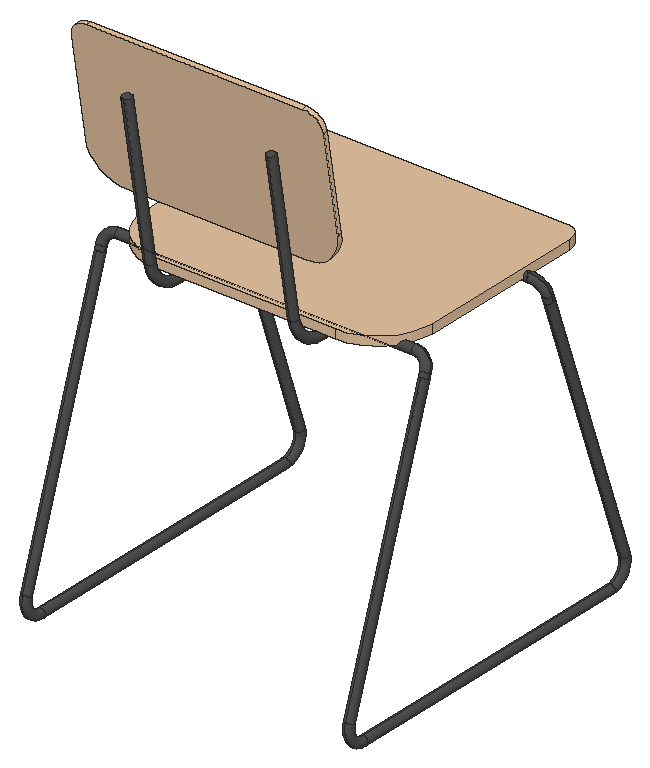
Revit family "e89386261e5f456dbe4d2a0ec2d418e4", category Furniture, Revit 2021
Family settings
  OmniClass Number = 23.40.20.14.14.11
  OmniClass Title = Chairs
  Seek Item ID = Chair-Stacking-0000-USA-ENU
  Work Plane-Based = No
  Always vertical = Yes
  Cut with Voids When Loaded = No
  Shared = Yes
  Room Calculation Point = No
Parameters (values of type "Chair-Stacking")
  Default Elevation = 0' - 0"
  Assembly Code = "E2020200"
  Seat/Back Material = Cherry
Reference planes (in)
  plane 1 "Center (Front/Back)": y = 4.28864
  plane 2: z = 0
  plane 3 "Center (Left/Right)": x = -7.04918
  plane 4: x = 1.95082
  plane 5: x = -16.04918
  plane 6: y = 0.28864
  plane 7: y = 14.28864
  plane 8: y = -5.71136
  plane 9: y = 8.28864
  plane 10: z = 30.75
  plane 11: z = 17.5
  plane 12: z = 16.5
  plane 13: y = -0.05919
  plane 14: y = 8.63239
  plane 15: through (0, -5.1106, 1.75221) normal (0, -0.9459, 0.3243)
  plane 16: through (0, 12.78567, 4.38366) normal (0, -0.9459, -0.3243)
  plane 17: z = 16.5
  plane 18: y = 8.63239
  plane 19: y = -0.05511
  plane 20: through (0, 0.68926, 0.12154) normal (0, -0.9848, -0.1736)
  plane 21 "Seat": z = 18
  plane 22: x = -3.04918
  plane 23: x = -11.04918
  plane 24: z = 27.75
  plane 25: z = 27.75
Forms (in)
  Sweep 1, solid, material "Steel, Chrome Plated"
    path origin (1.95082, 0, 0) x (0, -1, 0) y (0, 0, 1)
      loop
        line (-8.63239, 16.5) -> (-13.82647, 1.57875)
        arc (-13.82647, 1.57875) -> (-13.69714, 0.67067) -> (-12.88205, 0.25) r 1
        line (-12.88205, 0.25) -> (4.30477, 0.25)
        arc (4.30477, 0.25) -> (5.11979, 0.67057) -> (5.24927, 1.57852) r 1
        line (5.24927, 1.57852) -> (0.05919, 16.5)
    profile origin (1.95082, 4.28864, 0) x (0, 0, 1) y (-1, 0, 0)
      loop
        circle (0.25, 0) r 0.25
  Sweep 2, solid, material "Steel, Chrome Plated"
    path origin (-16.04918, 0, 0) x (0, -1, 0) y (0, 0, 1)
      loop
        line (-8.63159, 16.49972) -> (-13.74887, 1.57432)
        arc (-13.74887, 1.57432) -> (-13.61666, 0.66876) -> (-12.80293, 0.25) r 1
        line (-12.80293, 0.25) -> (4.22565, 0.25)
        arc (4.22565, 0.25) -> (5.03938, 0.66876) -> (5.17159, 1.57432) r 1
        line (5.17159, 1.57432) -> (0.05511, 16.4974)
    profile origin (-16.04918, 4.28864, 0) x (0, 0, 1) y (-1, 0, 0)
      loop
        circle (0.25, 0) r 0.25
  Sweep 3, solid, material "Steel, Chrome Plated"
    path origin (0, -5.1106, 1.75221) x (0, -0.324324, -0.945946) y (1, 0, 0)
      loop
        line (-15.59002, 1.95082) -> (-15.85414, 1.95082)
        arc (-15.85414, 1.95082) -> (-16.38447, 1.73115) -> (-16.60414, 1.20082) r 0.75
        line (-16.60414, 1.20082) -> (-16.60414, -15.29918)
        arc (-16.60414, -15.29918) -> (-16.38447, -15.82951) -> (-15.85414, -16.04918) r 0.75
        line (-15.85414, -16.04918) -> (-15.58777, -16.04918)
    profile origin (-7.04918, -5.1106, 1.75221) x (0, -0.324324, -0.945946) y (0, -0.945946, 0.324324)
      loop
        circle (-16.60414, 0) r 0.25
  Sweep 4, solid, material "Steel, Chrome Plated"
    path origin (0, 12.78567, 4.38366) x (0, 0.324324, -0.945946) y (1, 0, 0)
      loop
        line (-12.80958, 1.95082) -> (-13.16539, 1.95082)
        arc (-13.16539, 1.95082) -> (-13.69572, 1.73115) -> (-13.91539, 1.20082) r 0.75
        line (-13.91539, 1.20082) -> (-13.91539, -15.04918)
        arc (-13.91539, -15.04918) -> (-13.62249, -15.75629) -> (-12.91539, -16.04918) r 1
        line (-12.91539, -16.04918) -> (-12.80841, -16.04918)
    profile origin (-6.92418, 12.78567, 4.38366) x (0, 0.324324, -0.945946) y (0, -0.945946, -0.324324)
      loop
        circle (-13.91539, 0) r 0.25
  Extrusion 5, solid, material "Cherry" <- "Seat/Back Material"
    sketch origin (0, 0.68926, 0.12154) x (0, 0.173648, -0.984808) y (1, 0, 0)
      loop
        arc (-31.16548, -13.04918) -> (-30.87259, -13.75629) -> (-30.16548, -14.04918) r 1
        line (-30.16548, -14.04918) -> (-24.53945, -14.04918)
        arc (-24.53945, -14.04918) -> (-23.12523, -13.46339) -> (-22.53945, -12.04918) r 2
        line (-22.53945, -12.04918) -> (-22.53945, -2.04918)
        arc (-22.53945, -2.04918) -> (-23.12523, -0.63497) -> (-24.53945, -0.04918) r 2
        line (-24.53945, -0.04918) -> (-30.16548, -0.04918)
        arc (-30.16548, -0.04918) -> (-30.87259, -0.34207) -> (-31.16548, -1.04918) r 1
        line (-31.16548, -1.04918) -> (-31.16548, -13.04918)
    from 0 to -0.25
  Extrusion 6, solid, material "Cherry" <- "Seat/Back Material"
    sketch origin (0, 0, 18) x (1, 0, 0) y (0, 1, 0)
      loop
        arc (-14.04918, 12.28864) -> (-14.75629, 11.99575) -> (-15.04918, 11.28864) r 1
        line (-15.04918, 11.28864) -> (-15.04918, 1.78864)
        arc (-15.04918, 1.78864) -> (-14.1705, -0.33268) -> (-12.04918, -1.21136) r 3
        line (-12.04918, -1.21136) -> (-2.04918, -1.21136)
        arc (-2.04918, -1.21136) -> (0.07214, -0.33268) -> (0.95082, 1.78864) r 3
        line (0.95082, 1.78864) -> (0.95082, 11.28864)
        arc (0.95082, 11.28864) -> (0.65793, 11.99575) -> (-0.04918, 12.28864) r 1
        line (-0.04918, 12.28864) -> (-14.04918, 12.28864)
    from -0.5 to 0
  Sweep 7, solid, material "Steel, Chrome Plated"
    path origin (-3.04918, 0, 0) x (0, -1, 0) y (0, 0, 1)
      loop
        line (-8.39629, 17.25) -> (0.9066, 17.25)
        arc (0.9066, 17.25) -> (2.19218, 17.71791) -> (2.87622, 18.9027) r 2
        line (2.87622, 18.9027) -> (4.43624, 27.75)
    profile origin (-3.04918, 3.74484, 0) x (0, 0, 1) y (-1, 0, 0)
      loop
        circle (17.25, 0) r 0.25
  Sweep 8, solid, material "Steel, Chrome Plated"
    path origin (-11.04918, 0, 0) x (0, -1, 0) y (0, 0, 1)
      loop
        line (-8.39629, 17.25) -> (0.9066, 17.25)
        arc (0.9066, 17.25) -> (2.19218, 17.71791) -> (2.87622, 18.9027) r 2
        line (2.87622, 18.9027) -> (4.44782, 27.81571)
    profile origin (-11.04918, 3.74484, 0) x (0, 0, 1) y (-1, 0, 0)
      loop
        circle (17.25, 0) r 0.25
Lines and regions (in)
  Masking region 1
    outline origin (0, 0, 18) x (1, 0, 0) y (0, 1, 0)
      loop
        line (-13.54918, -4.97199) -> (-0.54918, -4.97199)
        arc (-0.54918, -4.97199) -> (-0.19563, -4.82554) -> (-0.04918, -4.47199) r 0.5
        line (-0.04918, -4.47199) -> (-0.04918, -3.31292)
        arc (-0.04918, -3.31292) -> (-0.19563, -2.95936) -> (-0.54918, -2.81292) r 0.5
        line (-0.54918, -2.81292) -> (-2.63225, -2.81292) -> (-2.63225, -1.21136) -> (-2.04918, -1.21136)
        arc (-2.04918, -1.21136) -> (0.07214, -0.33268) -> (0.95082, 1.78864) r 3
        line (0.95082, 1.78864) -> (1.70082, 1.78864) -> (1.70082, -5.294) -> (2.30674, -5.294) -> (2.30674, 13.91262) -> (1.70082, 13.91262) -> (1.70082, 8.63121) -> (0.95082, 8.63121) -> (0.95082, 11.28864)
        arc (0.95082, 11.28864) -> (0.65793, 11.99575) -> (-0.04918, 12.28864) r 1
        line (-0.04918, 12.28864) -> (-14.04918, 12.28864)
        arc (-14.04918, 12.28864) -> (-14.75629, 11.99575) -> (-15.04918, 11.28864) r 1
        line (-15.04918, 11.28864) -> (-15.04918, 8.5969) -> (-15.79918, 8.5969) -> (-15.79918, 13.91262) -> (-16.401, 13.91262) -> (-16.401, -5.294) -> (-15.79918, -5.294) -> (-15.79918, 1.78864) -> (-15.04918, 1.78864)
        arc (-15.04918, 1.78864) -> (-14.1705, -0.33268) -> (-12.04918, -1.21136) r 3
        line (-12.04918, -1.21136) -> (-11.45578, -1.21136) -> (-11.45578, -2.81292) -> (-13.54918, -2.81292)
        arc (-13.54918, -2.81292) -> (-13.90273, -2.95936) -> (-14.04918, -3.31292) r 0.5
        line (-14.04918, -3.31292) -> (-14.04918, -4.47199)
        arc (-14.04918, -4.47199) -> (-13.90273, -4.82554) -> (-13.54918, -4.97199) r 0.5
      loop
        line (-15.04918, 2.45844) -> (-15.04918, 8.00492) -> (-15.79918, 8.00492) -> (-15.79918, 2.45844) -> (-15.04918, 2.45844)
      loop
        line (0.95082, 8.00492) -> (0.95082, 2.45844) -> (1.70082, 2.45844) -> (1.70082, 8.00492) -> (0.95082, 8.00492)
      loop
        line (-3.33701, -1.21136) -> (-10.73694, -1.21136) -> (-10.73694, -2.81292) -> (-3.33701, -2.81292) -> (-3.33701, -1.21136)
  symbolic lines
    curve 1: line (-14.04918, 12.28864, 18) -> (-0.04918, 12.28864, 18)
    curve 2: line (-15.04918, 11.28864, 18) -> (-15.04918, 1.78864, 18)
    curve 3: line (-12.04918, -1.21136, 18) -> (-2.04918, -1.21136, 18)
    curve 4: line (0.95082, 11.28864, 18) -> (0.95082, 1.78864, 18)
    curve 5: arc (-14.04918, 12.28864, 18) -> (-14.75629, 11.99575, 18) -> (-15.04918, 11.28864, 18) r 1
    curve 6: arc (-0.04918, 12.28864, 18) -> (0.65793, 11.99575, 18) -> (0.95082, 11.28864, 18) r 1
    curve 7: arc (0.95082, 1.78864, 18) -> (0.07214, -0.33268, 18) -> (-2.04918, -1.21136, 18) r 3
    curve 8: arc (-12.04918, -1.21136, 18) -> (-14.1705, -0.33268, 18) -> (-15.04918, 1.78864, 18) r 3
    curve 9: line (-13.54918, -2.81292, 18) -> (-0.54918, -2.81292, 18)
    curve 10: line (-14.04918, -3.31292, 18) -> (-14.04918, -4.47199, 18)
    curve 11: line (-13.54918, -4.97199, 18) -> (-0.54918, -4.97199, 18)
    curve 12: line (-0.04918, -3.31292, 18) -> (-0.04918, -4.47199, 18)
    curve 13: arc (-13.54918, -2.81292, 18) -> (-13.90273, -2.95936, 18) -> (-14.04918, -3.31292, 18) r 0.5
    curve 14: arc (-13.54918, -4.97199, 18) -> (-13.90273, -4.82554, 18) -> (-14.04918, -4.47199, 18) r 0.5
    curve 15: arc (-0.54918, -2.81292, 18) -> (-0.19563, -2.95936, 18) -> (-0.04918, -3.31292, 18) r 0.5
    curve 16: arc (-0.04918, -4.47199, 18) -> (-0.19563, -4.82554, 18) -> (-0.54918, -4.97199, 18) r 0.5
    curve 17: line (-11.45578, -1.21136, 18) -> (-10.73694, -1.21136, 18)
    curve 18: line (-11.45578, -1.21136, 18) -> (-11.45578, -2.81292, 18)
    curve 19: line (-10.73694, -1.21136, 18) -> (-10.73694, -2.81292, 18)
    curve 20: line (-2.63225, -1.21136, 18) -> (-3.33701, -1.21136, 18)
    curve 21: line (-2.63225, -1.21136, 18) -> (-2.63225, -2.81292, 18)
    curve 22: line (-3.33701, -1.21136, 18) -> (-3.33701, -2.81292, 18)
    curve 23: line (-15.04918, 8.00492, 18) -> (-15.79918, 8.00492, 18)
    curve 24: line (-15.04918, 8.00492, 18) -> (-15.04918, 8.5969, 18)
    curve 25: line (-15.04918, 8.5969, 18) -> (-15.79918, 8.5969, 18)
    curve 26: line (-15.79918, 8.00492, 18) -> (-15.79918, 8.5969, 18)
    curve 27: line (0.95082, 8.00492, 18) -> (1.70082, 8.00492, 18)
    curve 28: line (0.95082, 8.00492, 18) -> (0.95082, 8.63121, 18)
    curve 29: line (0.95082, 8.63121, 18) -> (1.70082, 8.63121, 18)
    curve 30: line (1.70082, 8.00492, 18) -> (1.70082, 8.63121, 18)
    curve 31: line (-15.04918, 1.78864, 18) -> (-15.79918, 1.78864, 18)
    curve 32: line (-15.04918, 1.78864, 18) -> (-15.04918, 2.45844, 18)
    curve 33: line (-15.04918, 2.45844, 18) -> (-15.79918, 2.45844, 18)
    curve 34: line (-15.79918, 1.78864, 18) -> (-15.79918, 2.45844, 18)
    curve 35: line (0.95082, 1.78864, 18) -> (1.70082, 1.78864, 18)
    curve 36: line (0.95082, 1.78864, 18) -> (0.95082, 2.45844, 18)
    curve 37: line (0.95082, 2.45844, 18) -> (1.70082, 2.45844, 18)
    curve 38: line (1.70082, 1.78864, 18) -> (1.70082, 2.45844, 18)
    curve 39: line (-16.401, -5.294, 18) -> (-15.79918, -5.294, 18)
    curve 40: line (-16.401, 13.91262, 18) -> (-16.401, -5.294, 18)
    curve 41: line (-15.79918, 13.91262, 18) -> (-16.401, 13.91262, 18)
    curve 42: line (-15.79918, -5.294, 18) -> (-15.79918, 13.91262, 18)
    curve 43: line (2.30674, -5.294, 18) -> (1.70082, -5.294, 18)
    curve 44: line (2.30674, 13.91262, 18) -> (2.30674, -5.294, 18)
    curve 45: line (1.70082, 13.91262, 18) -> (2.30674, 13.91262, 18)
    curve 46: line (1.70082, -5.294, 18) -> (1.70082, 13.91262, 18)
Dimensions and locks (in)
  equal spacing: plane 5, plane 3 "Center (Left/Right)", plane 4
  locked: plane 5 to plane 4 at 18
  equal spacing: plane 8, plane 1 "Center (Front/Back)", plane 7
  locked: plane 8 to plane 7 at 20
Automatic sketch dimensions
  plane 5 to Masking region 1 sketch curve = 0' - 0.35182"
  Masking region 1 sketch curve to plane 5 = 0' - 0 1/4"  (x3)
  Masking region 1 sketch curve to plane 5 = 0' - 1"
  plane 9 to Masking region 1 sketch curve = 0' - 0.28372"  (x2)
  Masking region 1 sketch curve to Masking region 1 sketch curve = 0' - 0"  (x8)
  Masking region 1 sketch curve to Masking region 1 sketch curve = 0' - 1"
  Masking region 1 sketch curve to Masking region 1 sketch curve = 0' - 1 3/4"
  Masking region 1 sketch curve to Masking region 1 sketch curve = 0' - 0 1/2"  (x3)
  plane 23 to Masking region 1 sketch curve = 0' - 1"
  plane 23 to Masking region 1 sketch curve = 0' - 0.4066"
  Masking region 1 sketch curve to plane 23 = 0' - 0.31224"
  plane 22 to Masking region 1 sketch curve = 0' - 0.28783"
  Masking region 1 sketch curve to plane 22 = 0' - 0.41693"
  Masking region 1 sketch curve to plane 22 = 0' - 1"
  Masking region 1 sketch curve to Masking region 1 sketch curve = 0' - 2.08307"
  Masking region 1 sketch curve to plane 8 = 0' - 0.73937"
  plane 4 to Masking region 1 sketch curve = 0' - 2"
  plane 4 to Masking region 1 sketch curve = 0' - 1"
  plane 4 to Masking region 1 sketch curve = 0' - 0 1/4"  (x3)
  Masking region 1 sketch curve to plane 4 = 0' - 0.35592"
  Masking region 1 sketch curve to plane 8 = 0' - 0.41736"  (x2)
  Masking region 1 sketch curve to Masking region 1 sketch curve = 0' - 1.15907"  (x2)
  plane 6 to Masking region 1 sketch curve = 0' - 1 1/2"
  Masking region 1 sketch curve to Masking region 1 sketch curve = 0' - 0.6698"  (x2)
  Masking region 1 sketch curve to plane 9 = 0' - 0.30826"
  Masking region 1 sketch curve to plane 9 = 0' - 0.34257"
  Masking region 1 sketch curve to Masking region 1 sketch curve = 0' - 2.65743"
  plane 7 to Masking region 1 sketch curve = 0' - 0.37602"  (x2)
  plane 5 to curve 40 = 0' - 0.35182"
  curve 23 to plane 5 = 0' - 0 1/4"
  curve 42 to plane 5 = 0' - 0 1/4"
  curve 33 to plane 5 = 0' - 0 1/4"
  curve 5 to plane 5 = 0' - 1"
  curve 25 to plane 9 = 0' - 0.30826"
  curve 25 to curve 25 = 0' - 0 3/4"
  curve 2 to curve 1 = 0' - 1"
  curve 13 to plane 5 = 0' - 2"
  curve 14 to curve 14 = 0' - 0 1/2"
  curve 13 to curve 9 = 0' - 0 1/2"
  plane 23 to curve 8 = 0' - 1"
  plane 23 to curve 17 = 0' - 0.4066"
  curve 19 to plane 23 = 0' - 0.31224"
  plane 22 to curve 22 = 0' - 0.28783"
  curve 21 to plane 22 = 0' - 0.41693"
  curve 20 to curve 7 = 0' - 0.58307"
  curve 21 to curve 15 = 0' - 2.08307"
  curve 11 to plane 8 = 0' - 0.73937"
  curve 11 to curve 15 = 0' - 0"
  plane 4 to curve 6 = 0' - 2"
  curve 15 to curve 12 = 0' - 0 1/2"
  plane 4 to curve 4 = 0' - 1"
  curve 29 to plane 9 = 0' - 0.34257"
  plane 4 to curve 29 = 0' - 1"
  plane 4 to curve 38 = 0' - 0 1/4"
  plane 4 to curve 30 = 0' - 0 1/4"
  plane 4 to curve 46 = 0' - 0 1/4"
  curve 45 to plane 4 = 0' - 0.35592"
  curve 46 to plane 8 = 0' - 0.41736"
  curve 40 to plane 8 = 0' - 0.41736"
  curve 12 to curve 15 = 0' - 1.15907"
  plane 6 to curve 3 = 0' - 1 1/2"
  curve 19 to curve 3 = 0' - 0"
  curve 20 to curve 3 = 0' - 0"
  curve 31 to curve 34 = 0' - 0.6698"
  curve 35 to curve 38 = 0' - 0.6698"
  plane 9 to curve 23 = 0' - 0.28372"
  plane 9 to curve 27 = 0' - 0.28372"
  curve 28 to curve 6 = 0' - 2.65743"
  plane 7 to curve 41 = 0' - 0.37602"
  plane 7 to curve 44 = 0' - 0.37602"
